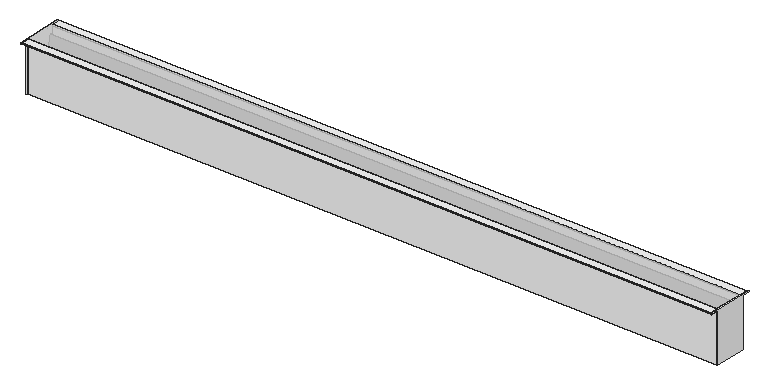
Revit family "2093134 Sylvania Lighting Fixture MC2 TRIM 1-2M 3K DALIEM WHT OPAL", category Lighting Fixtures, host Face, Revit 2016
Family settings
  Host = Face
  Part Type = Normal
  Round Connector Dimension = Use Diameter
  OmniClass Number = 23.80.70.11.17
  OmniClass Title = Specialized Lighting by Location or Use
  Cut with Voids When Loaded = No
  Light Source = Yes
  Shared = No
  Room Calculation Point = No
Parameters (values of type "2093134 MC2 TRIM 1.2M 3K DALIEM WHT OPAL Emergency mode")
  Width_SYL = 54.0 mm
  Weight = "3.1 kg"
  Wattage = 23.97 W
  WarrantyStartDate [instance] = "n/a"
  WarrantyGuarantorParts = "n/a"
  WarrantyDurationUnit = "n/a"
  WarrantyDurationParts = "n/a"
  WarrantyDescription = "n/a"
  built-in parameter 1150110 = 1 (stored number, unit not read)
  Voltage = 0 V
  URL = "http://www.sylvania-lighting.com"
  TypeName = "MC2 TRIM 1.2M 3K DALIEM WHT OPAL Emergency mode"
  built-in parameter 1114217 = 1 (stored number, unit not read)
  Tilt Angle = -90.00°
  built-in parameter 1150109 = 1 (stored number, unit not read)
  built-in parameter 1150134 = (empty or 0)
  built-in parameter 1150113 = 1 (stored number, unit not read)
  SerialNumber [instance] = "n/a"
  PowerFactor = 0.98
  PowerConsumption = "23.97 W"
  NominalWidth = 0.0 mm
  NominalLength = 1200.0 mm
  NominalHeight = 86.0 mm
  Name = "MC2 TRIM 1.2M 3K DALIEM WHT OPAL Emergency mode"
  ModelReference = "MC2 TRIM 1.2M 3K DALIEM WHT OPAL"
  ModelNumber = "2093134"
  Material_3_SYL = Metal_Sylvania_Mini Contiuum II_Silver
  Photometric Web File = "2093134EM.ies"
  Material = "aluminium housing, polycarbonate diffuser"
  ManufacturerName = "Feilo Sylvania"
  LuminousEfficacy = "5.047 lm/W"
  LuminaireType = ""
  LightOutputRatio = "100"
  Length_SYL = 1200.0 mm
  LampsType = Lamp  # "LED"
  LampNominalLuminous = "121 lm"
  LampMacAdamStep = "3"
  LampColourTemperature = "3000 K"
  LampColourRenderingIndex = "80"
  Keynote = "16500"
  InstallationDate [instance] = "n/a"
  InputVoltage = "n/a"
  InputNominalFrequency = "n/a"
  IngressProtection = "IP20"
  ImpactProtectionIndex = "n/a"
  IfcExportType = "IfcLightFixtureType"
  IfcExportAs = "IfcLightFixtureType"
  Height_SYL = 86.0 mm
  ExpectedLife = 50000
  EndCapRight_SYL [instance] = yes
  EndCapLeft_SYL [instance] = yes
  Emit from Rectangle Width = Width_SYL - 2.0 mm  # 52.0 mm
  Emit from Rectangle Length = Length_SYL  # 1200.0 mm
  Emit Shape Visible in Rendering = no
  ElectricShockClassification = "Class I"
  DurationUnit = "hours"
  DocumentationLiterature = "http://www.sylvania-lighting.com/product/en-int/products/2093134"
  DimmingControlOptions = "n/a"
  CreatedOn = "10/15/2018"
  CreatedBy = "@sylvania-lighting.com"
  built-in parameter 1114216 [instance] = 1 (stored number, unit not read)
  Model = "MC2 TRIM 1.2M 3K DALIEM WHT OPAL"
  Manufacturer = "Feilo Sylvania"  # constant formula
  built-in parameter 1150105 = 9.6289 (stored number, unit not read)
  Lumens = 121 lm
  built-in parameter 1150115 = 1 (stored number, unit not read)
  built-in parameter 1150137 = (empty or 0)
  built-in parameter 1150139 = (empty or 0)
  built-in parameter 1150112 = 1 (stored number, unit not read)
  built-in parameter 1150114 = 1 (stored number, unit not read)
  Lamp = "LED"
  built-in parameter 1150132 = 2
  built-in parameter 1150102 = (empty or 0)
  built-in parameter 1150107 = 3000 (stored number, unit not read)
  built-in parameter 1150138 = (empty or 0)
  built-in parameter 1150106 = 0.096289 (stored number, unit not read)
  Material_1_SYL = Metal_Sylvania_Mini Continuum II_White
  built-in parameter 1150104 = 0.46897 (stored number, unit not read)
  Dimming Lamp Color Temperature Shift = <None>
  Material_2_SYL = Polycarbonate_Sylvania_Mini Continuum II_Opal_4000K
  Description = "Mini Continuum II introduces a uniquely clean, simple LED lighting system offering continuous, highly uniform lines of light across walls and ceilings. This highly versatile lighting tool can be recessed, semi-recessed, surface-mounted or suspended, either vertically or horizontally. Available as direct/indirect or direct only distribution - both of which can be interconnected. Every batten has a plug and socket arrangement for easy and rapid electrical installation. Mini Continuum II Direct is available in two versions: one with an outside trim detail for plasterboard ceilings; and a trimless version for when a seamless effect is required. Dimmable DALI versions and 3hr non-maintained integral emergency options are available as standard options"  # constant formula
  Default Elevation = 0.0 mm
  Color Filter = 16777215
  built-in parameter 1140040 [instance] = 1
  BarCode [instance] = "n/a"
  built-in parameter 1114218 = 1 (stored number, unit not read)
  built-in parameter 1150133 = 10 (stored number, unit not read)
  AssetType = "Fixed"
  AssetIdentifier [instance] = "n/a"
  Assembly Code = "D5020200"
  Apparent Load = 23.97 VA
Types (2, lengths in mm): name | TypeName | Name | Photometric Web File | LuminousEfficacy | LampNominalLuminous | built-in parameter 1150105 | Lumens | built-in parameter 1150106 | built-in parameter 1150104
  2093134 MC2 TRIM 1.2M 3K DALIEM WHT OPAL Emergency mode | "MC2 TRIM 1.2M 3K DALIEM WHT OPAL Emergency mode" | "MC2 TRIM 1.2M 3K DALIEM WHT OPAL Emergency mode" | "2093134EM.ies" | "5.047 lm/W" | "121 lm" | 9.6289 (stored number, unit not read) | 121 lm | 0.096289 (stored number, unit not read) | 0.46897 (stored number, unit not read)
  2093134 MC2 TRIM 1.2M 3K DALIEM WHT OPAL | "MC2 TRIM 1.2M 3K DALIEM WHT OPAL" | "MC2 TRIM 1.2M 3K DALIEM WHT OPAL" | "2093134.ies" | "92 lm/W" | "2207 lm" | 175.49 (stored number, unit not read) | 2205.24 lm | 1.7549 (stored number, unit not read) | 8.5471 (stored number, unit not read)
Reference planes
  plane 1 "Center (Front/Back)": y = 0
  plane 2 "Bottom Fixtures": z = 0
  plane 3 "Center (Left/Right)": x = 0
  plane 4 "Fixture Left": x = -600
  plane 5 "Fixture Right": x = 600
  plane 6 "Fixture Bottom": z = 2
  plane 7: z = 0
  plane 8: z = -2
  plane 9: z = -11.049
  plane 10: z = -41.049
  plane 11 "Fixture Top": z = -84
  plane 12: y = 27
  plane 13: y = -27
  plane 14: y = -26
  plane 15: y = -25
  plane 16: y = 26
  plane 17: y = 25
  plane 18: y = 11
  plane 19: y = -11
  plane 20: y = 24
  plane 21: y = 22
  plane 22: y = -22
  plane 23: y = 15
  plane 24: y = -15
  plane 25: y = 40
  plane 26: y = -40
  plane 27: x = -602
  plane 28: x = 602
Forms (mm)
  Extrusion 1, solid, material "Metal_Sylvania_Mini Continuum II_White" <- "Material_1_SYL", detail levels fine
    sketch origin (0, 0, -84) x (0, 1, 0) y (0, 0, 1)
      loop
        line (27, 84) -> (40, 84) -> (40, 86) -> (26, 86) -> (26, 84) -> (25, 84) -> (25, 2) -> (13, 2) -> (13, 4) -> (-13, 4) -> (-13, 2) -> (-25, 2) -> (-25, 84) -> (-26, 84) -> (-26, 86) -> (-40, 86) -> (-40, 84) -> (-27, 84) -> (-27, 0) -> (-11, 0) -> (-11, 2) -> (11, 2) -> (11, 0) -> (27, 0) -> (27, 84)
    from -600 to 600
  Extrusion 2, solid, material "Polycarbonate_Sylvania_Mini Continuum II_Opal_4000K" <- "Material_2_SYL", detail levels fine
    sketch origin (0, 0, -84) x (0, 1, 0) y (0, 0, 1)
      loop
        line (-26, 86) -> (-26, 84) -> (26, 84) -> (26, 86) -> (-26, 86)
    from -600 to 600
  Extrusion 3, solid, material "Metal_Sylvania_Mini Contiuum II_Silver" <- "Material_3_SYL", detail levels fine
    sketch origin (0, 0, -84) x (0, 1, 0) y (0, 0, 1)
      loop
        line (22, 72.951) -> (20.973, 72.951) -> (14.206, 43.951) -> (-14.206, 43.951) -> (-20.973, 72.951) -> (-22, 72.951) -> (-15, 42.951) -> (15, 42.951) -> (22, 72.951)
    from -600 to 600
  Extrusion 4, solid, material "Metal_Sylvania_Mini Continuum II_White" <- "Material_1_SYL", detail levels coarse+medium
    sketch origin (0, 0, -84) x (0, 1, 0) y (0, 0, 1)
      loop
        line (-27, 86) -> (-27, 0) -> (27, 0) -> (27, 86) -> (-27, 86)
    from -600 to 600
  Extrusion 5, solid, material "Metal_Sylvania_Mini Continuum II_White" <- "Material_1_SYL", detail levels coarse+medium
    sketch origin (0, 0, -84) x (0, 1, 0) y (0, 0, 1)
      loop
        line (40, 86) -> (27, 86) -> (27, 84) -> (40, 84) -> (40, 86)
      loop
        line (-27, 86) -> (-40, 86) -> (-40, 84) -> (-27, 84) -> (-27, 86)
    from -600 to 600
  Extrusion 6, void
    sketch origin (0, 0, 0) x (0, 1, 0) y (0, 0, 1)
      loop
        line (27, 0) -> (-27, 0) -> (-27, -84) -> (27, -84) -> (27, 0)
    from -600 to 600
  Extrusion 7, solid, material "Metal_Sylvania_Mini Continuum II_White" <- "Material_1_SYL", visible <- "EndCapLeft_SYL"
    sketch origin (-600, 171.684, 1219.2) x (0, 1, 0) y (0, 0, 1)
      loop
        line (-198.684, -1219.2) -> (-198.684, -1303.2) -> (-144.684, -1303.2) -> (-144.684, -1219.2) -> (-131.684, -1219.2) -> (-131.684, -1217.2) -> (-211.684, -1217.2) -> (-211.684, -1219.2) -> (-198.684, -1219.2)
    from 0 to -2
  Extrusion 8, solid, material "Metal_Sylvania_Mini Continuum II_White" <- "Material_1_SYL", visible <- "EndCapRight_SYL"
    sketch origin (600, 171.684, 1219.2) x (0, 1, 0) y (0, 0, -1)
      loop
        line (-131.684, 1217.2) -> (-131.684, 1219.2) -> (-144.684, 1219.2) -> (-144.684, 1303.2) -> (-198.684, 1303.2) -> (-198.684, 1219.2) -> (-211.684, 1219.2) -> (-211.684, 1217.2) -> (-131.684, 1217.2)
    from 0 to -2
Lines and regions (mm)
  Masking region 1
    outline origin (0, 0, -86) x (-1, 0, 0) y (0, -1, 0)
      loop
        line (600, -40) -> (600, 40) -> (-600, 40) -> (-600, -40) -> (600, -40)
  symbolic lines, detail levels fine
    curve 1: line (-600, 27, -86) -> (600, 27, -86)
    curve 2: line (-600, -27, -86) -> (600, -27, -86)
Dimensions and locks
  host sketch curve to plane 3 "Center (Left/Right)" to host sketch curve = 1260.0 mm, 1259.41 mm
  equal spacing: plane 4 "Fixture Left", plane 3 "Center (Left/Right)", plane 5 "Fixture Right"
  "Length_SYL": plane 4 "Fixture Left" to plane 5 "Fixture Right"
  plane 6 "Fixture Bottom" to plane 7 to plane 8 to plane 9 to plane 10 = 2.0 mm locked, 2.0 mm locked, 9.049 mm locked, 30.0 mm locked
  locked: Extrusion 1 sketch curve to Extrusion 1 sketch curve at 2
  "Height_SYL": plane 6 "Fixture Bottom" to plane 11 "Fixture Top"
  equal spacing: plane 12, plane 1 "Center (Front/Back)", plane 13
  plane 19 to plane 24 to plane 22 to plane 15 to plane 14 to plane 13 to plane 26 = 4.0 mm locked, 7.0 mm locked, 3.0 mm locked, 1.0 mm locked, 1.0 mm locked, 13.0 mm locked
  plane 25 to plane 12 to plane 16 to plane 17 to plane 20 to plane 21 to plane 23 to plane 18 = 13.0 mm locked, 1.0 mm locked, 1.0 mm locked, 1.0 mm locked, 2.0 mm locked, 7.0 mm locked, 4.0 mm locked
  "Width_SYL": plane 12 to plane 13
  equal spacing: plane 27, plane 3 "Center (Left/Right)", plane 28
  locked: plane 27 to plane 4 "Fixture Left" at 2
  aligned and locked: plane 2 "Bottom Fixtures" to host face
  aligned and locked: level to host face
  aligned and locked: Extrusion 1 sketch curve to plane 7  (x2)
  aligned and locked: plane 6 "Fixture Bottom" to Extrusion 1 sketch curve  (x2)
  aligned and locked: plane 7 to Extrusion 1 sketch curve
  aligned and locked: Extrusion 1 to Extrusion 2 sketch curve
  aligned and locked: Extrusion 2 sketch curve to Extrusion 1  (x3)
  aligned and locked: Extrusion 3 sketch curve to plane 10
  aligned and locked: plane 9 to Extrusion 3 sketch curve
  aligned and locked: Extrusion 3 sketch curve to plane 9
  aligned and locked: Extrusion 4 sketch curve to plane 6 "Fixture Bottom"
  aligned and locked: Extrusion 5 sketch curve to Extrusion 1  (x6)
  aligned and locked: Extrusion 4 to Extrusion 5 sketch curve
  aligned and locked: Extrusion 5 sketch curve to Extrusion 4
  aligned and locked: Extrusion 1 to Extrusion 6 sketch curve
  aligned and locked: Extrusion 6 sketch curve to Extrusion 1
  aligned and locked: Extrusion 6 sketch curve to plane 11 "Fixture Top"
  aligned and locked: Extrusion 6 sketch curve to plane 13
  aligned and locked: Extrusion 6 to plane 5 "Fixture Right"
  aligned and locked: plane 6 "Fixture Bottom" to imposter light
  aligned and locked: Masking region 1 sketch curve to Extrusion 1  (x4)
  aligned and locked: plane 5 "Fixture Right" to curve 1
  aligned and locked: plane 4 "Fixture Left" to curve 1
  aligned and locked: plane 12 to curve 1
  aligned and locked: plane 4 "Fixture Left" to curve 2
  aligned and locked: plane 5 "Fixture Right" to curve 2
  aligned and locked: curve 2 to plane 13
  aligned and locked: Extrusion 4 to plane 5 "Fixture Right"
  aligned and locked: Extrusion 1 to plane 5 "Fixture Right"
  aligned and locked: Extrusion 3 to plane 5 "Fixture Right"
  aligned and locked: Extrusion 4 to plane 4 "Fixture Left"
  aligned and locked: Extrusion 1 to plane 4 "Fixture Left"
  aligned and locked: Extrusion 3 to plane 4 "Fixture Left"
  aligned and locked: Extrusion 2 to plane 5 "Fixture Right"
  aligned and locked: Extrusion 5 to plane 5 "Fixture Right"
  aligned and locked: Extrusion 5 to plane 4 "Fixture Left"
  aligned and locked: Extrusion 2 to plane 4 "Fixture Left"
  aligned and locked: Extrusion 6 to plane 4 "Fixture Left"
  aligned and locked: Extrusion 4 to Extrusion 7 sketch curve
  aligned and locked: Extrusion 7 sketch curve to Extrusion 4  (x2)
  aligned and locked: Extrusion 7 sketch curve to Extrusion 5  (x4)
  aligned and locked: plane 6 "Fixture Bottom" to Extrusion 7 sketch curve
  aligned and locked: Extrusion 7 to plane 27
  aligned and locked: plane 4 "Fixture Left" to Extrusion 7
  aligned and locked: Extrusion 8 sketch curve to Extrusion 7  (x8)
  aligned and locked: plane 28 to Extrusion 8
  aligned and locked: plane 5 "Fixture Right" to Extrusion 8
Automatic sketch dimensions
  host sketch curve to host sketch curve = 1047.463 mm
  Extrusion 1 sketch curve to plane 26 = 0.0 mm
  Extrusion 1 sketch curve to plane 13 = 0.0 mm
  Extrusion 1 sketch curve to plane 14 = 0.0 mm
  Extrusion 1 sketch curve to plane 15 = 0.0 mm
  Extrusion 1 sketch curve to plane 19 = 0.0 mm
  Extrusion 1 sketch curve to plane 18 = 0.0 mm
  Extrusion 1 sketch curve to plane 17 = 0.0 mm
  Extrusion 1 sketch curve to plane 16 = 0.0 mm
  Extrusion 1 sketch curve to level = 0.0 mm
  Extrusion 1 sketch curve to plane 12 = 0.0 mm
  Extrusion 1 sketch curve to plane 25 = 0.0 mm
  Extrusion 1 sketch curve to plane 11 "Fixture Top" = 0.0 mm  (x2)
  Extrusion 1 sketch curve to plane 19 = 2.0 mm
  Extrusion 1 sketch curve to plane 18 = 2.0 mm
  plane 11 "Fixture Top" to Extrusion 1 sketch curve = 2.0 mm  (x3)
  Extrusion 3 sketch curve to plane 22 = 0.0 mm
  Extrusion 3 sketch curve to plane 24 = 0.0 mm
  Extrusion 3 sketch curve to plane 23 = 0.0 mm
  Extrusion 3 sketch curve to plane 21 = 0.0 mm
  plane 10 to Extrusion 3 sketch curve = 1.0 mm
  Extrusion 3 sketch curve to Extrusion 3 sketch curve = 1.027 mm  (x2)
  plane 24 to Extrusion 3 sketch curve = 0.794 mm
  plane 23 to Extrusion 3 sketch curve = 0.794 mm
  Extrusion 4 sketch curve to plane 11 "Fixture Top" = 0.0 mm
  Extrusion 4 sketch curve to plane 13 = 0.0 mm
  Extrusion 4 sketch curve to plane 12 = 0.0 mm
Connectors
  electrical at (-600, 0, 0), driven by "Apparent Load"
    settings: index 1, voltage 230 V, apparent load 0 VA, apparent load phase1 23.97 VA, apparent load phase2 0 VA, apparent load phase3 0 VA, power factor 1, load classification "Lighting", number of poles 1, system type 31, power factor state 1, is connector primary yes, connector utility no, sub classification motor no, connector description ""
